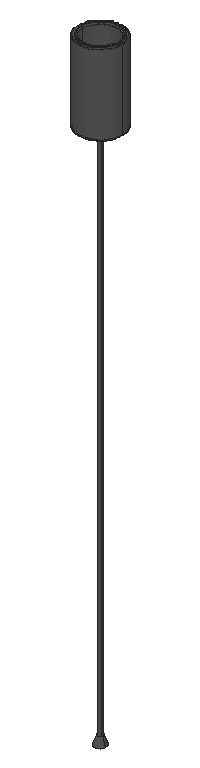
Revit family "CARLO CYLINDER LIGHT Pendant_ Surface", category Lighting Fixtures, host Face, Revit 2020 (continued)
Types (13): name | Wattage_Input | Wattage Comments | Wattage | built-in parameter 1150134 | Size 08 | Size 04 | Photometric Web File | built-in parameter 1150142 | Model | built-in parameter 1150105 | Lumens | built-in parameter 1150107 | built-in parameter 1150106 | Fixture Height | Fixture Diameter | BEAMING ANGLE | Apparent Load
    42.89 144.87 147.1 149.65 152.58 155.96 159.91 164.5 169.91 176.25 \r\n 183.79 192.47 203.48 218.54 235.99 254.58 274.77 295.79 320.08 350.7 \r\n 385.01 421.21 459.87 500.97 544.49 590.78 638.7 687.15 736.44 786.77 \r\n 837.39 887.54 937.44 987.32 1036.5 1084.6 1130.9 1174.7 1214.9 1249.3 \r\n 1279.8 1307.8 1332.9 1355.2 1375.7 1395.7 1413.7 1428.8 1440.3 1447.2 \r\n 1452.3 \r\n1448.4 1445 1435.3 1420.5 1402.1 1380.8 1357.6 1333.6 1308.9 1284.1 \r\n 1258 1229.7 1198.4 1162.6 1122.8 1078.3 1031 982.01 932.02 881.89 \r\n 831.83 782.46 733.46 684.35 636.15 589.81 545.05 501.71 460.45 421.96 \r\n 386.02 351.81 321.87 300.14 281.67 262.37 243.58 224.42 207.52 196.14 \r\n 187.44 179.5 172.77 167.15 162.39 158.24 154.67 151.59 148.98 146.8 \r\n 144.94 143.3 141.84 140.55 139.37 138.25 137.18 136.13 135.11 134.16 \r\n 133.22 132.25 131.32 130.5 129.67 128.69 127.6 126.53 125.03 122.83 \r\n 119.61 114.66 108.91 103.18 97.044 90.286 83.181 75.9 68.533 61.19 \r\n 53.974 47.031 40.337 33.782 27.779 22.663 18.559 15.888 14.094 12.863 \r\n 11.891 10.691 9.4913 8.3478 7.2858 6.3144 5.5381 5.1316 4.8944 4.6815 \r\n 4.501 4.306 4.1164 3.9368 3.7662 3.6051 3.453 3.3096 3.1752 3.0569 \r\n 2.934 2.7814 2.619 2.4555 2.3 2.1762 2.0499 1.8803 1.7108 1.5815 \r\n 1.4614 1.3319 1.1964 1.0439 0.9001 0.7974 0.70529 0.59487 0.49362 0.42356 \r\n 0.37219 0.33701 0.31003 0.28005 0.2542 0.23746 0.22503 0.21385 0.20364 0.19259 \r\n 0.18226 0.17485 0.16755 0.15741 0.1471 0.13872 0.13099 0.1231 0.11569 0.10938 \r\n 0.10335 0.096823 0.090366 0.084251 0.078637 0.073965 0.06966 0.066518 0.06087 0.046492 \r\n 0.03185 0.025149 0.020958 0.016145 0.012025 0.0089349 0.006676 0.0052342 0.0043893 0.004198 \r\n 0.0038155 0.0018719 0 0 0 0 0 0 0 0 \r\n 0 0 0 0 0 0 0 0 0.000076 0.0026517 \r\n 0.0064697 0.011273 0.016484 0.021745 0.026132 0.027542 0.029156 0.03403 0.040439 0.047962 \r\n 0.055737 0.062201 0.069028 0.078332 0.087223 0.092647 0.097208 0.10247 0.1085 0.11631 \r\n 0.12451 0.13166 0.13896 0.1475 0.15628 0.16467 0.17266 0.17993 0.18671 0.19266 \r\n 0.19916 0.20794 0.21748 0.22566 0.23607 0.25384 0.27514 0.29558 0.32201 0.3597 \r\n 0.40904 0.47155 0.54915 0.65068 0.75688 0.84142 0.93434 1.0669 1.2091 1.3374 \r\n 1.4638 1.589 1.7232 1.8886 2.05 2.1644 2.2779 2.4337 2.5977 2.7494 \r\n 2.8915 3.014 3.1349 3.2714 3.4159 3.5667 3.7229 3.8789 4.0479 4.2502 \r\n 4.4595 4.5926 4.8411 5.4142 6.1756 7.0785 8.0639 9.0435 10.058 11.145 \r\n 12.228 12.982 14.191 16.499 20.007 25.342 31.566 37.82 44.508 51.918 \r\n 59.541 66.931 74.189 81.279 88.155 94.82 101.08 106.72 111.77 116.23 \r\n 119.82 122.04 123.57 124.97 126.11 127.01 127.78 128.54 129.28 130.03 \r\n 130.82 131.76 132.76 133.8 134.85 135.9 136.97 138.01 139.21 140.78 \r\n 142.6 144.57 146.8 149.38 152.35 155.75 159.71 164.3 169.71 176.01 \r\n 183.56 192.53 203.52 217.36 233.57 251.84 272.48 295.32 321.44 352.33 \r\n 386.5 422.81 461.62 502.94 546.68 593.09 641.1 689.6 738.93 789.32 \r\n 839.98 890.16 940.02 989.6 1038.5 1086.8 1133.3 1177.1 1217 1251.2 \r\n 1281.5 1309 1333.7 1356.1 1376.7 1396.8 1414.8 1429.8 1441.1 1447.7 \r\n 1452.3 \r\n1448.4 1446.3 1437.6 1423.5 1405.6 1385 1362.4 1338.5 1313.7 1289.2 \r\n 1263.4 1235.3 1204.2 1169.2 1130.1 1085.9 1038.6 989.72 939.73 889.37 \r\n 839.01 789.45 740.25 690.9 642.51 596.23 551.47 507.76 465.97 426.91 \r\n 390.42 355.67 325.53 304.52 286.78 267.4 248.04 227.61 209.46 197.76 \r\n 189 180.92 174.05 168.26 163.34 159.05 155.35 152.13 149.4 147.16 \r\n 145.27 143.55 142.03 140.71 139.53 138.39 137.3 136.24 135.21 134.23 \r\n 133.27 132.3 131.38 130.58 129.75 128.73 127.61 126.55 125.16 123.22 \r\n 120.28 115.5 109.86 104.21 98.104 91.246 84.028 76.731 69.387 62.092 \r\n 54.937 48.069 41.413 34.792 28.662 23.376 19.074 16.178 14.198 12.918 \r\n 11.94 10.7 9.4704 8.3385 7.2951 6.318 5.5332 5.1283 4.895 4.6855 \r\n 4.5062 4.3054 4.1101 3.9328 3.7659 3.6065 3.4545 3.3076 3.1705 3.0555 \r\n 2.9373 2.7893 2.6284 2.4562 2.293 2.1742 2.0554 1.8885 1.7198 1.5886 \r\n 1.4672 1.3426 1.2101 1.0485 0.89502 0.79244 0.70238 0.59085 0.48747 0.41502 \r\n 0.35994 0.32565 0.29983 0.26772 0.24011 0.22564 0.21612 0.20585 0.19608 0.18584 \r\n 0.17609 0.16805 0.16001 0.15002 0.14003 0.13176 0.124 0.11576 0.10802 0.10178 \r\n 0.096029 0.090018 0.084008 0.077767 0.072028 0.06779 0.064014 0.061362 0.055734 0.040049 \r\n 0.023902 0.016423 0.011926 0.0074417 0.0039591 0.0014816 0 0 0 0 \r\n 0 0 0 0 0 0 0 0 0 0 \r\n 0 0 0 0 0 0 0 0 0.000096 0.0033822 \r\n 0.0081593 0.013929 0.020181 0.026637 0.032101 0.034131 0.036179 0.041466 0.048243 0.056235 \r\n 0.064229 0.070262 0.076294 0.084289 0.092278 0.098534 0.1043 0.11008 0.11637 0.12414 \r\n 0.1324 0.14041 0.14843 0.15644 0.16446 0.17248 0.18048 0.1887 0.19643 0.20245 \r\n 0.20849 0.21602 0.22456 0.23342 0.24482 0.26313 0.28498 0.30621 0.33352 0.37212 \r\n 0.42228 0.48537 0.56334 0.66528 0.77129 0.85382 0.94488 1.0781 1.2211 1.3482 \r\n 1.4729 1.5968 1.7301 1.8954 2.0577 2.175 2.291 2.4455 2.6073 2.7573 \r\n 2.8994 3.0269 3.1521 3.2846 3.4251 3.5784 3.7421 3.9158 4.0993 4.2965 \r\n 4.4955 4.6101 4.8669 5.5192 6.4006 7.4628 8.6042 9.6984 10.771 11.79 \r\n 12.798 13.603 14.875 17.155 20.643 26.08 32.387 38.552 45.113 52.434 \r\n 60.023 67.528 74.893 81.914 88.682 95.303 101.53 107.15 112.14 116.47 \r\n 119.92 122.09 123.61 125.02 126.18 127.06 127.8 128.55 129.27 129.98 \r\n 130.75 131.66 132.65 133.69 134.73 135.74 136.76 137.78 138.97 140.54 \r\n 142.35 144.32 146.56 149.17 152.17 155.59 159.56 164.18 169.6 175.9 \r\n 183.49 192.76 203.81 216.68 231.88 249.82 270.8 295.38 323.25 354.44 \r\n 388.51 424.97 463.97 505.54 549.5 596.02 644.09 692.67 742.08 792.53 \r\n 843.23 893.44 943.23 992.48 1041.1 1089.4 1135.9 1179.5 1219.1 1253.2 \r\n 1283.2 1310.2 1334.7 1357.2 1378 1398.1 1416.1 1430.8 1441.8 1448.2 \r\n 1452.3 \r\n1448.4 1446.8 1438.6 1424.9 1407.3 1387 1364.6 1340.9 1316.3 1292 \r\n 1266.5 1238.5 1207.5 1172.3 1133.1 1089 1041.9 993.06 942.91 892.25 \r\n 841.6 791.92 742.71 693.52 645.25 598.79 553.77 509.81 467.77 428.44 \r\n 391.71 356.94 326.58 304.55 285.8 266.09 246.88 227.3 210.03 198.41 \r\n 189.5 181.33 174.37 168.52 163.55 159.21 155.47 152.2 149.4 147.1 \r\n 145.15 143.39 141.84 140.5 139.29 138.15 137.06 135.99 134.94 133.92 \r\n 132.92 131.96 131.04 130.23 129.4 128.41 127.32 126.24 124.83 122.97 \r\n 120.15 115.54 109.98 104.14 97.772 90.715 83.371 76.129 68.874 61.569 \r\n 54.381 47.472 40.827 34.397 28.443 23.123 18.704 15.647 13.533 12.266 \r\n 11.344 10.126 8.932 7.8738 6.9285 6.0846 5.4206 5.0684 4.8557 4.6477 \r\n 4.4625 4.2664 4.0795 3.9152 3.7609 3.6079 3.4592 3.3135 3.1758 3.0593 \r\n 2.9392 2.7887 2.6268 2.4584 2.2989 2.1792 2.059 1.894 1.7276 1.5982 \r\n 1.4774 1.35 1.2156 1.0586 0.90968 0.80514 0.71257 0.6032 0.50238 0.42908 \r\n 0.37364 0.33549 0.30628 0.27505 0.2491 0.2342 0.22388 0.21336 0.20335 0.1931 \r\n 0.18342 0.17545 0.16756 0.15786 0.14826 0.14053 0.13318 0.12486 0.11687 0.11035 \r\n 0.10439 0.098554 0.092562 0.085439 0.078797 0.074579 0.070821 0.067047 0.060734 0.046698 \r\n 0.032452 0.025271 0.020688 0.016544 0.013187 0.010113 0.007709 0.0064015 0.0055617 0.004737 \r\n 0.0038266 0.0023631 0.00099343 0.00032452 0.000009 0 0 0 0 0 \r\n 0 0 0 0 0 0 0 0 0.000071 0.0024295 \r\n 0.0060483 0.010903 0.0162 0.021392 0.025711 0.02719 0.028873 0.033629 0.040013 0.047952 \r\n 0.056197 0.063022 0.069774 0.077642 0.085366 0.091857 0.097796 0.10315 0.10896 0.11677 \r\n 0.12512 0.13294 0.14059 0.14805 0.15545 0.16288 0.17051 0.17887 0.18701 0.1937 \r\n 0.20037 0.20806 0.21665 0.2255 0.23713 0.256 0.27868 0.30114 0.32965 0.3688 \r\n 0.41962 0.48471 0.56395 0.66295 0.7671 0.85516 0.95257 1.0877 1.2305 1.354 \r\n 1.4768 1.6082 1.7481 1.9072 2.0625 2.1821 2.3027 2.4613 2.6248 2.7681 \r\n 2.9034 3.0329 3.1611 3.2927 3.4294 3.5736 3.7286 3.9002 4.0831 4.2774 \r\n 4.4722 4.5925 4.8315 5.3973 6.1696 7.1301 8.1807 9.2166 10.24 11.183 \r\n 12.153 13.022 14.433 16.956 20.682 26.219 32.577 38.807 45.386 52.592 \r\n 60.081 67.656 75.147 82.293 89.17 95.83 102.08 107.78 112.78 116.87 \r\n 120.06 122.13 123.61 125.02 126.19 127.08 127.83 128.6 129.36 130.11 \r\n 130.91 131.82 132.8 133.83 134.88 135.84 136.84 137.9 139.13 140.68 \r\n 142.48 144.48 146.76 149.38 152.4 155.87 159.91 164.61 170.17 176.67 \r\n 184.52 194.09 205.6 219.37 235.33 253.09 273.88 299.2 327.95 359.61 \r\n 394.07 431.02 470.49 512.45 556.71 603.34 651.51 700.37 750.01 800.46 \r\n 851.08 901.25 950.93 999.89 1048.1 1095.7 1141.6 1184.6 1223.8 1257.4 \r\n 1287.1 1313.8 1337.9 1360.5 1381.3 1401.2 1418.6 1432.7 1443.1 1448.7 \r\n 1452.3 \r\n1448.4 1447.3 1439.6 1426.2 1408.8 1388.7 1366.5 1343 1318.5 1294.6 \r\n 1269.2 1241.4 1210.5 1175 1135.5 1091.7 1044.8 995.89 945.57 894.61 \r\n 843.67 793.85 744.64 695.65 647.54 600.88 555.55 511.36 469.1 429.55 \r\n 392.65 357.93 327.33 303.91 283.78 263.74 244.84 226.47 210.41 198.92 \r\n 189.83 181.58 174.54 168.64 163.63 159.27 155.5 152.18 149.33 146.97 \r\n 144.96 143.16 141.59 140.22 138.99 137.85 136.76 135.68 134.62 133.56 \r\n 132.53 131.56 130.64 129.82 128.98 128.04 126.99 125.88 124.44 122.63 \r\n 119.9 115.46 110.01 103.95 97.285 90.035 82.583 75.399 68.232 60.903 \r\n 53.666 46.693 40.046 33.834 28.092 22.759 18.24 15.036 12.798 11.546 \r\n 10.682 9.4972 8.349 7.3701 6.5296 5.8338 5.3043 5.0081 4.8151 4.6076 \r\n 4.4153 4.2249 4.048 3.8977 3.7567 3.6104 3.4653 3.3212 3.1832 3.0644 \r\n 2.9413 2.7872 2.6239 2.4611 2.3074 2.1858 2.0628 1.8994 1.7357 1.6082 \r\n 1.4882 1.357 1.2203 1.0701 0.9281 0.82122 0.72535 0.61871 0.52124 0.44851 \r\n 0.39178 0.34901 0.31572 0.2859 0.26212 0.24619 0.23431 0.22334 0.21298 0.20263 \r\n 0.19299 0.18508 0.17737 0.16804 0.1589 0.15175 0.14485 0.13657 0.12839 0.12146 \r\n 0.11511 0.10937 0.10333 0.095231 0.0876 0.08335 0.079552 0.074468 0.067432 0.055561 \r\n 0.043763 0.036971 0.032227 0.028332 0.024949 0.021088 0.017512 0.014784 0.012515 0.010741 \r\n 0.0087551 0.0053015 0.0020623 0.00062297 0.000018 0 0 0 0 0 \r\n 0 0 0 0 0 0 0 0 0.000043 0.0013877 \r\n 0.0036636 0.00723 0.011155 0.014741 0.017648 0.018459 0.019713 0.023845 0.029747 0.037518 \r\n 0.045976 0.053782 0.061498 0.069439 0.077007 0.083615 0.089545 0.094358 0.099634 0.10748 \r\n 0.11587 0.12329 0.13041 0.13733 0.14419 0.15102 0.15822 0.1665 0.17492 0.18243 \r\n 0.18998 0.19818 0.20704 0.21579 0.22747 0.24677 0.27022 0.29401 0.32382 0.36335 \r\n 0.4147 0.48216 0.56288 0.65814 0.75985 0.85459 0.95963 1.0968 1.2391 1.3588 \r\n 1.4795 1.6198 1.7674 1.9195 2.0666 2.1884 2.3138 2.4772 2.6427 2.7788 \r\n 2.9066 3.0375 3.1686 3.3 3.4335 3.5672 3.711 3.8774 4.0572 4.2492 \r\n 4.4417 4.5738 4.7923 5.2426 5.8664 6.6827 7.604 8.5567 9.5187 10.388 \r\n 11.33 12.269 13.834 16.648 20.652 26.278 32.67 38.989 45.612 52.694 \r\n 60.062 67.686 75.292 82.591 89.61 96.318 102.59 108.4 113.43 117.27 \r\n 120.17 122.13 123.58 124.98 126.16 127.06 127.84 128.65 129.46 130.27 \r\n 131.11 132.02 132.99 134.02 135.07 136.01 136.98 138.08 139.36 140.9 \r\n 142.68 144.71 147.04 149.67 152.71 156.22 160.34 165.15 170.86 177.59 \r\n 185.73 195.61 207.62 222.6 239.61 257.24 277.78 303.6 333.03 365.17 \r\n 400.08 437.56 477.52 519.87 564.42 611.16 659.42 708.58 758.49 808.92 \r\n 859.43 909.56 959.11 1007.8 1055.5 1102.3 1147.3 1189.8 1228.6 1261.8 \r\n 1291.1 1317.5 1341.5 1364.1 1384.9 1404.4 1421.3 1434.7 1444.3 1449.3 \r\n 1452.3 \r\n1448.4 1447.7 1440.4 1427.3 1410.2 1390.4 1368.3 1345 1320.7 1297 \r\n 1271.9 1244.3 1213.4 1177.6 1137.8 1094.2 1047.6 998.71 948.24 896.98 \r\n 845.74 795.79 746.55 697.76 649.8 602.93 557.28 512.85 470.39 430.66 \r\n 393.61 358.96 328.07 303.06 281.38 261.02 242.53 225.5 210.74 199.41 \r\n 190.11 181.78 174.66 168.71 163.67 159.29 155.5 152.14 149.24 146.82 \r\n 144.75 142.92 141.32 139.92 138.68 137.54 136.45 135.37 134.29 133.2 \r\n 132.14 131.16 130.23 129.39 128.56 127.67 126.67 125.52 124.05 122.27 \r\n 119.61 115.38 110.05 103.78 96.827 89.422 81.892 74.763 67.667 60.305 \r\n 53.008 45.959 39.3 33.297 27.765 22.424 17.813 14.472 12.117 10.872 \r\n 10.057 8.9067 7.8074 6.9023 6.1589 5.6042 5.2026 4.9568 4.7796 4.5714 \r\n 4.372 4.1871 4.0199 3.8827 3.7543 3.6143 3.4723 3.3298 3.1916 3.0701 \r\n 2.9434 2.7856 2.6209 2.4644 2.3169 2.193 2.0667 1.9051 1.744 1.6183 \r\n 1.4988 1.3637 1.2247 1.0823 0.94806 0.83872 0.73928 0.63561 0.54175 0.4696 \r\n 0.41151 0.36395 0.32647 0.29827 0.27681 0.25953 0.24566 0.23412 0.22332 0.21285 \r\n 0.20324 0.19531 0.18771 0.1788 0.17019 0.16358 0.1571 0.14897 0.14068 0.13325 \r\n 0.12639 0.12067 0.11454 0.10548 0.096888 0.092592 0.088747 0.082387 0.074709 0.065203 \r\n 0.05602 0.049579 0.044557 0.040764 0.037219 0.032522 0.027734 0.023468 0.019667 0.016958 \r\n 0.013903 0.0083154 0.0030679 0.00087174 0.000027 0 0 0 0 0 \r\n 0 0 0 0 0 0 0 0 0.000018 0.00050154 \r\n 0.0015382 0.0036387 0.0059783 0.0079084 0.0094099 0.0095698 0.010422 0.01396 0.019391 0.026936 \r\n 0.035555 0.044364 0.053109 0.061252 0.068754 0.075382 0.081185 0.085472 0.090234 0.098075 \r\n 0.10647 0.1134 0.11992 0.12638 0.13279 0.13908 0.14585 0.1539 0.16245 0.17086 \r\n 0.17946 0.18835 0.19764 0.20626 0.21789 0.23744 0.2615 0.28663 0.31776 0.35749 \r\n 0.40926 0.47936 0.56178 0.65295 0.75185 0.85332 0.96617 1.1055 1.2473 1.3629 \r\n 1.4815 1.6309 1.7866 1.9317 2.0705 2.194 2.3241 2.4922 2.6598 2.7891 \r\n 2.9095 3.0413 3.1748 3.307 3.438 3.5615 3.694 3.8537 4.0291 4.2195 \r\n 4.4114 4.5598 4.7588 5.0845 5.5464 6.2038 6.9828 7.844 8.7425 9.5483 \r\n 10.476 11.488 13.21 16.331 20.626 26.33 32.744 39.162 45.841 52.802 \r\n 60.044 67.688 75.384 82.836 90.001 96.756 103.06 108.98 114.04 117.62 \r\n 120.23 122.09 123.5 124.89 126.1 127.02 127.83 128.68 129.54 130.42 \r\n 131.32 132.24 133.2 134.24 135.28 136.2 137.16 138.31 139.64 141.16 \r\n 142.93 144.99 147.36 149.99 153.05 156.62 160.82 165.73 171.6 178.57 \r\n 187.03 197.18 209.71 225.98 244.16 261.75 282.04 308.19 338.1 370.7 \r\n 406.09 444.08 484.53 527.24 572.05 618.9 667.25 716.71 766.88 817.29 \r\n 867.69 917.76 967.18 1015.6 1062.8 1108.8 1152.8 1194.7 1233.1 1265.9 \r\n 1294.9 1321.1 1345 1367.7 1388.5 1407.6 1424 1436.8 1445.6 1449.9 \r\n 1452.3 \r\n1448.4 1448.1 1441.3 1428.6 1411.8 1392.2 1370.4 1347.2 1323.1 1299.6 \r\n 1274.6 1247.3 1216.5 1180.5 1140.5 1097.2 1050.9 1002 951.42 899.89 \r\n 848.37 798.25 748.94 700.29 652.44 605.37 559.44 514.75 472.05 432.17 \r\n 394.98 360.35 329.12 302.47 279.21 258.6 240.56 224.76 211.19 199.97 \r\n 190.46 182.04 174.83 168.82 163.74 159.33 155.52 152.12 149.18 146.69 \r\n 144.56 142.7 141.08 139.65 138.39 137.25 136.18 135.08 133.99 132.87 \r\n 131.79 130.81 129.88 129.02 128.17 127.35 126.4 125.22 123.72 121.96 \r\n 119.39 115.38 110.21 103.76 96.587 89.09 81.529 74.439 67.385 59.981 \r\n 52.62 45.496 38.818 32.983 27.616 22.258 17.556 14.083 11.612 10.356 \r\n 9.5708 8.4491 7.3931 6.5454 5.8771 5.4342 5.1336 4.9242 4.7557 4.5456 \r\n 4.3402 4.1591 3.9995 3.8729 3.7546 3.6195 3.48 3.3386 3.1998 3.0756 \r\n 2.9456 2.7847 2.619 2.468 2.326 2.2001 2.071 1.9112 1.7527 1.6279 \r\n 1.5082 1.37 1.2297 1.0945 0.96731 0.85568 0.75293 0.65211 0.56162 0.48966 \r\n 0.42998 0.37806 0.33684 0.31017 0.29082 0.27211 0.25621 0.24401 0.23272 0.22219 \r\n 0.21262 0.20451 0.19685 0.18838 0.18035 0.17416 0.16802 0.16012 0.15184 0.14386 \r\n 0.1364 0.13065 0.12442 0.11453 0.10511 0.10079 0.09695 0.089565 0.081446 0.07419 \r\n 0.067407 0.061154 0.05569 0.051802 0.04797 0.04253 0.036696 0.031021 0.025826 0.022335 \r\n 0.018389 0.010905 0.0038714 0.0010472 0.000034 0 0 0 0 0 \r\n 0 0 0 0 0 0 0 0 0.000002 0.000016 \r\n 0.00020396 0.00085838 0.0015995 0.00212 0.0024941 0.0021515 0.0027185 0.0058161 0.01089 0.018209 \r\n 0.026923 0.036593 0.046247 0.054648 0.062158 0.068732 0.074352 0.078242 0.082621 0.090409 \r\n 0.098718 0.10518 0.11115 0.11727 0.12337 0.12926 0.13566 0.14337 0.15191 0.16123 \r\n 0.17094 0.18059 0.19037 0.1989 0.21044 0.23 0.25439 0.2808 0.31319 0.35296 \r\n 0.40504 0.47798 0.56231 0.64948 0.74535 0.85259 0.97232 1.1138 1.2553 1.3669 \r\n 1.4833 1.6411 1.8042 1.9433 2.0746 2.1995 2.3333 2.5054 2.6749 2.7985 \r\n 2.9128 3.0449 3.1803 3.3139 3.4438 3.5591 3.6821 3.8352 4.0063 4.196 \r\n 4.3891 4.5559 4.7406 4.9523 5.2651 5.7766 6.4254 7.2041 8.0484 8.8076 \r\n 9.7334 10.817 12.688 16.106 20.678 26.447 32.873 39.388 46.125 52.979 \r\n 60.1 67.735 75.481 83.055 90.345 97.132 103.45 109.48 114.58 117.9 \r\n 120.23 121.99 123.37 124.76 125.98 126.93 127.77 128.68 129.6 130.54 \r\n 131.5 132.44 133.4 134.45 135.5 136.4 137.35 138.54 139.
